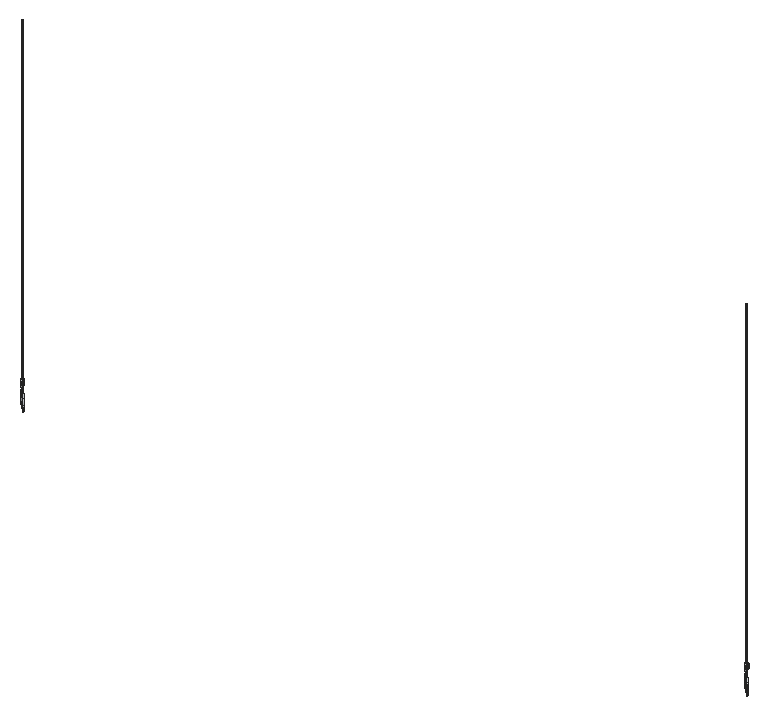
Revit family "Wire_Array-HunterDouglas-Gladius", category Specialty Equipment, Revit 2013
Parameters (values of type "Parametric")
  ecoScorecard_data = "http://products.ecoscorecard.com/hunterdouglascontract/TGL"
  ecoScorecard Product Page = "http://hunterdouglascontract.ecoscorecard.com/product/TGL?base_search=product_category_A1035"
  Wire Visibility = yes
  Wire Hanger = Metal - Aluminum Frame - HunterDouglas - Painted White
  URL = "http://www.hunterdouglascontract.com/ceilings/index.jsp"
  Subcategory = "Metal – Plank and Tile"  # constant formula
  Product Line = "Gladius"  # constant formula
  Perforations = "http://www.hunterdouglascontract.com/ceilings/metalsystems/plank/gladius/index.jsp?t=perfPage"
  Overall Length [instance] = (# of Wires - 1) * Wire Spacing  # 4' - 0"
  Model = "Gladius Wire Hanger"  # constant formula
  Manufacturer = "Hunter Douglas Luxalon Metal Ceilings"  # constant formula
  Wire Spacing = 4' - 0"  # constant formula
  Hanger Wire Height [instance] = 2' - 0"
  Description = "Wire Hanger"  # constant formula
  Default Elevation = 0' - 0"
  Color Finishes = "http://www.hunterdouglascontract.com/ceilings/metalsystems/plank/gladius/index.jsp?t=colorPage"
  Assembly Code = "C3030200"
  95 CSI = "09510"  # constant formula
  04 CSI = "09 51 00"  # constant formula
  # of Wires = 2
Reference planes (in)
  plane 1 "Center (Front/Back)": y = 0
  plane 2: z = 0
  plane 3 "Center (Left/Right)": x = 0
  plane 4 "Left Edge": x = -24
  plane 5: x = 24
  plane 6: x = 24
  plane 7 "Ceiling Edge": z = 24
  plane 8 "Hanger Bottom": z = 2.4375
Dimensions and locks (in)
  equal spacing: plane 4 "Left Edge", plane 3 "Center (Left/Right)", plane 5
  "Overall Length": plane 4 "Left Edge" to plane 5
  "Wire Spacing": plane 4 "Left Edge" to plane 6
  "Hanger Wire Height": plane 7 "Ceiling Edge" to level
  locked: plane 8 "Hanger Bottom" to level at 2.4375
  group 1 to group 2 = 4' - 0"
  group 1 to group 2 = 0' - 0"  (x2)
  aligned and locked: level to plane 2
  aligned and locked: plane 4 "Left Edge" to nested 1
  aligned and locked: nested 1 to plane 1 "Center (Front/Back)"
  aligned and locked: nested 2 to plane 5
  aligned and locked: nested 2 to plane 1 "Center (Front/Back)"
Nested families (in)
  nested 1: "Wire" at (-24, 0, 0) x (0, 1, 0) z (0, 0, 1), visible <- "Wire Visibility", type "Wire"
  nested 2: "Wire" at (24, 0, 0) x (0, 1, 0) z (0, 0, 1), visible <- "Wire Visibility", type "Wire"
Definition of nested family "Wire"
  Parameters (values of type "Wire")
    Material = Metal - Aluminum Frame - HunterDouglas - Painted White
    HangerWire Length = 2' - 0"
  Reference planes (in)
    plane 1 "Center (Front/Back)": y = 0
    plane 2: z = 0
    plane 3 "Center (Left/Right)": x = 0
    plane 4: x = -0.77248
    plane 5: x = 0.77248
    plane 6: z = 1
    plane 7: z = 1.0625
    plane 8: z = 24
  Forms (in)
    Sweep 1, solid, material "Metal - Aluminum Frame - HunterDouglas - Painted White" <- "Material", detail levels fine
      path origin (0, 0, 0) x (0.707107, 0.707107, 0) y (0, 0, 1)
        loop
          line (0.03125, 24) -> (0.03125, 2.27043) -> (0.38236, 1.70385)
          arc (0.38236, 1.70385) -> (0.44435, 1.57873) -> (0.48166, 1.44416) r 0.73777
          line (0.48166, 1.44416) -> (0.5376, 1.12899)
          arc (0.5376, 1.12899) -> (0.51364, 1.03927) -> (0.42949, 1) r 0.1098
          line (0.42949, 1) -> (-0.42976, 1)
          arc (-0.42976, 1) -> (-0.51374, 1.03919) -> (-0.53765, 1.12872) r 0.10957
          line (-0.53765, 1.12872) -> (-0.48246, 1.43965)
          arc (-0.48246, 1.43965) -> (-0.44395, 1.57857) -> (-0.37995, 1.70774) r 0.76163
          line (-0.37995, 1.70774) -> (-0.0384, 2.25888)
      profile origin (-0.0001, -0.0001, 1) x (0, 0, -1) y (0.707107, -0.707107, 0)
        loop
          circle (-0.03125, 0) r 0.03125
    Revolve 2, solid, material "Metal - Aluminum Frame - HunterDouglas - Painted White" <- "Material", detail levels fine
      sketch origin (0.00705, -1.10535, 0.17393) x (0, 0.947216, -0.320596) y (0, 0.320596, 0.947216)
        loop
          line (0.2616, 2.72812) -> (0.19087, 2.72812)
          arc (0.19087, 2.72812) -> (0.15962, 2.69687) -> (0.19087, 2.66562) r 0.03125
          line (0.19087, 2.66562) -> (0.2616, 2.66562) -> (0.2616, 2.72812)
        axis (0.2616, 2.66562) -> (0.2616, 2.72812)
      angle from 0 to 360
    Revolve 3, solid, material "Metal - Aluminum Frame - HunterDouglas - Painted White" <- "Material", detail levels fine
      sketch origin (0.00705, -1.10535, 0.04197) x (0, 0.947216, -0.320596) y (0, 0.320596, 0.947216)
        loop
          line (0.2616, 2.72812) -> (0.19087, 2.72812)
          arc (0.19087, 2.72812) -> (0.15962, 2.69687) -> (0.19087, 2.66562) r 0.03125
          line (0.19087, 2.66562) -> (0.2616, 2.66562) -> (0.2616, 2.72812)
        axis (0.2616, 2.66562) -> (0.2616, 2.72812)
      angle from 0 to 360
    Revolve 4, solid, material "Metal - Aluminum Frame - HunterDouglas - Painted White" <- "Material", detail levels fine
      sketch origin (0.00705, -1.10535, 0.10916) x (0, 0.947216, -0.320596) y (0, 0.320596, 0.947216)
        loop
          line (0.2616, 2.72812) -> (0.19087, 2.72812)
          arc (0.19087, 2.72812) -> (0.15962, 2.69687) -> (0.19087, 2.66562) r 0.03125
          line (0.19087, 2.66562) -> (0.2616, 2.66562) -> (0.2616, 2.72812)
        axis (0.2616, 2.66562) -> (0.2616, 2.72812)
      angle from 0 to 360
    Revolve 5, solid, material "Metal - Aluminum Frame - HunterDouglas - Painted White" <- "Material", detail levels fine
      sketch origin (0.00705, -1.10535, -0.02357) x (0, 0.947216, -0.320596) y (0, 0.320596, 0.947216)
        loop
          line (0.2616, 2.72812) -> (0.19087, 2.72812)
          arc (0.19087, 2.72812) -> (0.15962, 2.69687) -> (0.19087, 2.66562) r 0.03125
          line (0.19087, 2.66562) -> (0.2616, 2.66562) -> (0.2616, 2.72812)
        axis (0.2616, 2.66562) -> (0.2616, 2.72812)
      angle from 0 to 360
    Revolve 6, solid, material "Metal - Aluminum Frame - HunterDouglas - Painted White" <- "Material", detail levels fine
      sketch origin (0.00705, -1.10535, -0.08912) x (0, 0.947216, -0.320596) y (0, 0.320596, 0.947216)
        loop
          line (0.2616, 2.72812) -> (0.19087, 2.72812)
          arc (0.19087, 2.72812) -> (0.15962, 2.69687) -> (0.19087, 2.66562) r 0.03125
          line (0.19087, 2.66562) -> (0.2616, 2.66562) -> (0.2616, 2.72812)
        axis (0.2616, 2.66562) -> (0.2616, 2.72812)
      angle from 0 to 360
    Revolve 7, solid, material "Metal - Aluminum Frame - HunterDouglas - Painted White" <- "Material", detail levels fine
      sketch origin (0.00705, -1.10535, -0.15857) x (0, 0.947216, -0.320596) y (0, 0.320596, 0.947216)
        loop
          line (0.2616, 2.72812) -> (0.19087, 2.72812)
          arc (0.19087, 2.72812) -> (0.15962, 2.69687) -> (0.19087, 2.66562) r 0.03125
          line (0.19087, 2.66562) -> (0.2616, 2.66562) -> (0.2616, 2.72812)
        axis (0.2616, 2.66562) -> (0.2616, 2.72812)
      angle from 0 to 360
  Lines and regions (in)
    model lines, style "Wire", detail levels coarse+medium
      curve 1: line (0, 0, 23.78125) -> (0, 0, 1.0625)
    symbolic lines, style "Wire", detail levels fine
      curve 2: line (-0.38204, -0.33784, 0) -> (-0.08282, -0.03863, 0)
      curve 3: line (0.38204, 0.33784, 0) -> (0.09664, 0.05243, 0)
      curve 4: arc (0.33784, 0.38204, 0) -> (0.38204, 0.38204, 0) -> (0.38204, 0.33784, 0) r 0.03125
      curve 5: arc (-0.38204, -0.33784, 0) -> (-0.38204, -0.38204, 0) -> (-0.33784, -0.38204, 0) r 0.03125
      curve 6: circle (0.00691, 0.00691, 0) r 0.10062 normal (0, 0, 1)
      curve 7: circle (0, 0, 0) r 0.03125 normal (0, 0, 1)
      curve 8: line (0.05244, 0.09663, 0) -> (0.33784, 0.38204, 0)
      curve 9: line (-0.03862, -0.08282, 0) -> (-0.33784, -0.38204, 0)
      curve 14: line (-0.03122, 0, 24) -> (0.03122, 0, 24)
      curve 15: line (0.03122, 0, 24) -> (0.03122, 0, 2.6706)
      curve 16: line (-0.02999, 0, 2.25367) -> (-0.27048, 0, 1.72302)
      curve 17: line (-0.39791, 0, 1.13333) -> (-0.33782, 0, 1.45596)
      curve 18: arc (-0.33782, 0, 1.45596) -> (-0.3161, 0, 1.5925) -> (-0.27048, 0, 1.72302) r 0.77561
      curve 19: arc (-0.39791, 0, 1.13333) -> (-0.37867, 0, 1.04643) -> (-0.30275, 0, 1) r 0.11373
      curve 20: line (0.08629, 0, 2.18161) -> (-0.02999, 0, 2.25367)
      curve 21: spline (-0.03122, 0, 2.25264) -> (-0.02944, 0, 2.25316) -> (-0.02594, 0, 2.25416) -> (-0.02092, 0, 2.2556) -> (-0.01467, 0, 2.25739) -> (-0.00756, 0, 2.25942) -> (0, 0, 2.26157) -> (0.00755, 0, 2.26372) -> (0.01466, 0, 2.26574) -> (0.02091, 0, 2.26751) -> (0.02594, 0, 2.26893) -> (0.02944, 0, 2.26992) -> (0.03122, 0, 2.27042)
      curve 22: line (0.00884, 0, 2.18794) -> (-0.21356, 0, 1.69722)
      curve 23: arc (-0.2757, 0, 1.44815) -> (-0.25593, 0, 1.5755) -> (-0.21356, 0, 1.69722) r 0.71311
      curve 24: line (-0.33647, 0, 1.12189) -> (-0.2757, 0, 1.44815)
      curve 25: arc (-0.33647, 0, 1.12189) -> (-0.3278, 0, 1.08274) -> (-0.2936, 0, 1.06183) r 0.05123
      curve 26: line (0.03122, 0, 24) -> (-0.03122, 0, 24)
      curve 27: line (-0.03122, 0, 24) -> (-0.03122, 0, 2.6921)
      curve 28: line (-0.2936, 0, 1.06183) -> (0, 0, 1.06183)
      curve 29: line (0, 0, 1) -> (-0.30275, 0, 1)
      curve 30: line (-0.03122, 0, 2.29502) -> (-0.03122, 0, 2.25095)
      curve 31: line (0.03122, 0, 2.25095) -> (0.27048, 0, 1.72302)
      curve 32: line (0.39791, 0, 1.13333) -> (0.33782, 0, 1.45596)
      curve 33: arc (0.33782, 0, 1.45596) -> (0.3161, 0, 1.5925) -> (0.27048, 0, 1.72302) r 0.77561
      curve 34: arc (0.39791, 0, 1.13333) -> (0.37867, 0, 1.04643) -> (0.30275, 0, 1) r 0.11373
      curve 35: spline (0.03122, 0, 2.25264) -> (0.02944, 0, 2.25316) -> (0.02594, 0, 2.25416) -> (0.02092, 0, 2.2556) -> (0.01467, 0, 2.25739) -> (0.00756, 0, 2.25942) -> (0, 0, 2.26157) -> (-0.00755, 0, 2.26372) -> (-0.01466, 0, 2.26574) -> (-0.02091, 0, 2.26751) -> (-0.02594, 0, 2.26893) -> (-0.02944, 0, 2.26992) -> (-0.03122, 0, 2.27042)
      curve 36: line (-0.00884, 0, 2.18794) -> (0.21356, 0, 1.69722)
      curve 37: arc (0.2757, 0, 1.44815) -> (0.25593, 0, 1.5755) -> (0.21356, 0, 1.69722) r 0.71311
      curve 38: line (0.33647, 0, 1.12189) -> (0.2757, 0, 1.44815)
      curve 39: arc (0.33647, 0, 1.12189) -> (0.3278, 0, 1.08274) -> (0.2936, 0, 1.06183) r 0.05123
      curve 40: line (0.2936, 0, 1.06183) -> (0, 0, 1.06183)
      curve 41: line (0, 0, 1) -> (0.30275, 0, 1)
      curve 42: line (0.03122, 0, 2.29502) -> (0.03122, 0, 2.25095)
      curve 43: line (0, 0.03122, 2.25095) -> (0, 0.27048, 1.72302)
      curve 44: line (0, 0.39791, 1.13333) -> (0, 0.33782, 1.45596)
      curve 45: arc (0, 0.33782, 1.45596) -> (0, 0.3161, 1.5925) -> (0, 0.27048, 1.72302) r 0.77561
      curve 46: arc (0, 0.39791, 1.13333) -> (0, 0.37867, 1.04643) -> (0, 0.30275, 1) r 0.11373
      curve 47: line (0, -0.00884, 2.18794) -> (0, 0.21356, 1.69722)
      curve 48: arc (0, 0.2757, 1.44815) -> (0, 0.25593, 1.5755) -> (0, 0.21356, 1.69722) r 0.71311
      curve 49: line (0, 0.33647, 1.12189) -> (0, 0.2757, 1.44815)
      curve 50: arc (0, 0.33647, 1.12189) -> (0, 0.3278, 1.08274) -> (0, 0.2936, 1.06183) r 0.05123
      curve 51: line (0, 0.2936, 1.06183) -> (0, 0, 1.06183)
      curve 52: line (0, 0, 1) -> (0, 0.30275, 1)
      curve 53: line (0, -0.03122, 2.25095) -> (0, -0.27048, 1.72302)
      curve 54: line (0, -0.39791, 1.13333) -> (0, -0.33782, 1.45596)
      curve 55: arc (0, -0.33782, 1.45596) -> (0, -0.3161, 1.5925) -> (0, -0.27048, 1.72302) r 0.77561
      curve 56: arc (0, -0.39791, 1.13333) -> (0, -0.37867, 1.04643) -> (0, -0.30275, 1) r 0.11373
      curve 57: line (0, 0.00884, 2.18794) -> (0, -0.21356, 1.69722)
      curve 58: arc (0, -0.2757, 1.44815) -> (0, -0.25593, 1.5755) -> (0, -0.21356, 1.69722) r 0.71311
      curve 59: line (0, -0.33647, 1.12189) -> (0, -0.2757, 1.44815)
      curve 60: arc (0, -0.33647, 1.12189) -> (0, -0.3278, 1.08274) -> (0, -0.2936, 1.06183) r 0.05123
      curve 61: line (0, -0.2936, 1.06183) -> (0, 0, 1.06183)
      curve 62: line (0, 0, 1) -> (0, -0.30275, 1)
      curve 63: line (0, -0.03122, 2.29502) -> (0, -0.03122, 2.25095)
      curve 64: line (0, -0.04684, 2.69748) -> (0, 0.08788, 2.65109)
      curve 65: line (0, -0.07537, 2.64108) -> (0, 0.06749, 2.59189)
      curve 66: arc (0, 0.08788, 2.65109) -> (0, 0.10729, 2.6113) -> (0, 0.06749, 2.59189) r 0.03131
      curve 67: arc (0, -0.04684, 2.69748) -> (0, -0.08569, 2.68172) -> (0, -0.07537, 2.64108) r 0.0319
      curve 68: arc (0, 0.08788, 2.58487) -> (0, 0.10784, 2.54687) -> (0, 0.0711, 2.52466) r 0.03131
      curve 69: arc (0, -0.04684, 2.63126) -> (0, -0.08551, 2.61585) -> (0, -0.07602, 2.57532) r 0.0319
      curve 70: line (0, -0.07602, 2.57532) -> (0, 0.0711, 2.52466)
      curve 71: arc (0, 0.08788, 2.51865) -> (0, 0.10784, 2.48065) -> (0, 0.0711, 2.45844) r 0.03131
      curve 72: arc (0, -0.04684, 2.56504) -> (0, -0.08551, 2.54963) -> (0, -0.07602, 2.5091) r 0.0319
      curve 73: line (0, -0.07602, 2.5091) -> (0, 0.0711, 2.45844)
      curve 74: arc (0, 0.08788, 2.45243) -> (0, 0.10784, 2.41443) -> (0, 0.0711, 2.39222) r 0.03131
      curve 75: arc (0, -0.04684, 2.49882) -> (0, -0.08551, 2.48341) -> (0, -0.07602, 2.44288) r 0.0319
      curve 76: line (0, -0.07602, 2.44288) -> (0, 0.0711, 2.39222)
      curve 77: arc (0, 0.08788, 2.38621) -> (0, 0.10784, 2.34821) -> (0, 0.0711, 2.326) r 0.03131
      curve 78: arc (0, -0.04684, 2.4326) -> (0, -0.08551, 2.41719) -> (0, -0.07602, 2.37666) r 0.0319
      curve 79: line (0, -0.07602, 2.37666) -> (0, 0.0711, 2.326)
      curve 80: arc (0, 0.08788, 2.31999) -> (0, 0.10784, 2.28199) -> (0, 0.0711, 2.25978) r 0.03131
      curve 81: arc (0, -0.04684, 2.36638) -> (0, -0.08551, 2.35097) -> (0, -0.07602, 2.31044) r 0.0319
      curve 82: line (0, -0.07602, 2.31044) -> (0, 0.0711, 2.25978)
      curve 83: line (0, -0.03122, 2.29502) -> (0, -0.03122, 2.25095)
      curve 84: spline (0, 0.03122, 2.25264) -> (0, 0.02944, 2.25316) -> (0, 0.02594, 2.25416) -> (0, 0.02092, 2.2556) -> (0, 0.01467, 2.25739) -> (0, 0.00756, 2.25942) -> (0, 0, 2.26157) -> (0, -0.00755, 2.26372) -> (0, -0.01466, 2.26574) -> (0, -0.02091, 2.26751) -> (0, -0.02594, 2.26893) -> (0, -0.02944, 2.26992) -> (0, -0.03122, 2.27042)
      curve 85: line (0, 0.03122, 2.27352) -> (0, 0.03122, 2.25095)
    symbolic lines, style "Wire"
      curve 10: line (0, 0.03125, 24) -> (0, -0.03125, 24)
      curve 11: line (0, -0.03125, 24) -> (0, -0.03125, 2.61415)
      curve 12: arc (0, 0.03125, 2.61415) -> (0, 0, 2.60466) -> (0, -0.03125, 2.61415) r 0.05621
      curve 13: line (0, 0.03125, 2.61415) -> (0, 0.03125, 24)
      curve 86: arc (-0.07801, 0, 2.34631) -> (-0.09482, 0, 2.38088) -> (-0.07483, 0, 2.41372) r 0.04011
      curve 87: arc (-0.07459, 0, 2.41386) -> (-0.03526, 0, 2.42961) -> (0.00686, 0, 2.43417) r 0.15569
      curve 88: arc (0.09173, 0, 2.34631) -> (0.10854, 0, 2.38088) -> (0.08855, 0, 2.41372) r 0.04011
      curve 89: arc (0.0883, 0, 2.41386) -> (0.04898, 0, 2.42961) -> (0.00686, 0, 2.43417) r 0.15569
      curve 90: arc (-0.07483, 0, 2.41372) -> (-0.09482, 0, 2.44663) -> (-0.07788, 0, 2.48122) r 0.04011
      curve 91: arc (-0.07459, 0, 2.48331) -> (-0.03526, 0, 2.49906) -> (0.00686, 0, 2.50362) r 0.15569
      curve 92: arc (0.08855, 0, 2.41372) -> (0.10858, 0, 2.44859) -> (0.0883, 0, 2.48331) r 0.04011
      curve 93: arc (0.0883, 0, 2.48331) -> (0.04898, 0, 2.49906) -> (0.00686, 0, 2.50362) r 0.15569
      curve 94: arc (-0.07788, 0, 2.48122) -> (-0.09482, 0, 2.51594) -> (-0.07459, 0, 2.54885) r 0.04011
      curve 95: arc (-0.07459, 0, 2.54885) -> (-0.03526, 0, 2.5646) -> (0.00686, 0, 2.56916) r 0.15569
      curve 96: arc (0.0916, 0, 2.48122) -> (0.10853, 0, 2.51594) -> (0.0883, 0, 2.54885) r 0.04011
      curve 97: arc (0.0883, 0, 2.54885) -> (0.04898, 0, 2.5646) -> (0.00686, 0, 2.56916) r 0.15569
      curve 98: arc (-0.07788, 0, 2.54676) -> (-0.09486, 0, 2.57953) -> (-0.07788, 0, 2.6123) r 0.04011
      curve 99: arc (-0.07459, 0, 2.61439) -> (-0.03526, 0, 2.63014) -> (0.00686, 0, 2.6347) r 0.15569
      curve 100: arc (0.0916, 0, 2.54676) -> (0.10858, 0, 2.57953) -> (0.0916, 0, 2.6123) r 0.04011
      curve 101: arc (0.0883, 0, 2.61439) -> (0.04898, 0, 2.63014) -> (0.00686, 0, 2.6347) r 0.15569
      curve 102: arc (-0.07788, 0, 2.6123) -> (-0.09482, 0, 2.64702) -> (-0.07459, 0, 2.67994) r 0.04011
      curve 103: arc (-0.07459, 0, 2.67994) -> (-0.03526, 0, 2.69568) -> (0.00686, 0, 2.70024) r 0.15569
      curve 104: arc (0.0916, 0, 2.6123) -> (0.10853, 0, 2.64702) -> (0.0883, 0, 2.67994) r 0.04011
      curve 105: arc (0.0883, 0, 2.67994) -> (0.04898, 0, 2.69568) -> (0.00686, 0, 2.70024) r 0.15569
      curve 106: arc (-0.07788, 0, 2.28068) -> (-0.09482, 0, 2.31541) -> (-0.07459, 0, 2.34832) r 0.04011
      curve 107: arc (-0.07801, 0, 2.34631) -> (-0.03718, 0, 2.36357) -> (0.00686, 0, 2.36863) r 0.15569
      curve 108: arc (0.0916, 0, 2.28068) -> (0.10853, 0, 2.31541) -> (0.0883, 0, 2.34832) r 0.04011
      curve 109: arc (0.09173, 0, 2.34631) -> (0.0509, 0, 2.36357) -> (0.00686, 0, 2.36863) r 0.15569
      curve 110: arc (-0.07788, 0, 2.28068) -> (-0.05245, 0, 2.26733) -> (-0.02439, 0, 2.26121) r 0.10721
      curve 111: arc (0.0916, 0, 2.28068) -> (0.06617, 0, 2.26733) -> (0.03811, 0, 2.26121) r 0.10721
  Dimensions and locks (in)
    equal spacing: plane 4, plane 3 "Center (Left/Right)", plane 5
    plane 4 to plane 5 = 0' - 1.54495"
    locked: plane 6 to plane 7 at 0.0625
    locked: plane 6 to level at 1
    "HangerWire Length": plane 8 to level
    aligned and locked: level to plane 2
    aligned and locked: Sweep 1 sketch curve to plane 6
    aligned and locked: curve 1 to plane 3 "Center (Left/Right)"
    aligned and locked: plane 7 to curve 1
    aligned and locked: plane 8 to curve 26
    aligned and locked: plane 8 to Sweep 1 sketch curve
    aligned and locked: curve 10 to plane 8
  Automatic sketch dimensions
    curve 12 to plane 1 "Center (Front/Back)" = 0' - 0"
    plane 1 "Center (Front/Back)" to curve 11 = 0' - 0 1/32"
    curve 13 to plane 1 "Center (Front/Back)" = 0' - 0 1/32"
    curve 12 to curve 12 = 0' - 0.04672"
    curve 18 to curve 23 = 0' - 0"  (x2)
    curve 19 to curve 25 = 0' - 0"  (x2)
    curve 33 to curve 37 = 0' - 0"  (x2)
    curve 34 to curve 39 = 0' - 0"  (x2)
    curve 19 to plane 6 = 0' - 0"
    curve 41 to plane 3 "Center (Left/Right)" = 0' - 0"
    curve 40 to plane 3 "Center (Left/Right)" = 0' - 0"
    curve 35 to plane 3 "Center (Left/Right)" = 0' - 0"
    curve 36 to plane 3 "Center (Left/Right)" = 0' - 0.00884"
    curve 16 to plane 3 "Center (Left/Right)" = 0' - 0.02999"
    curve 14 to plane 3 "Center (Left/Right)" = 0' - 0.03122"
    curve 35 to curve 16 = 0' - 0.00123"
    curve 21 to curve 21 = 0' - 0.00021"
    curve 22 to plane 3 "Center (Left/Right)" = 0' - 0.21356"
    curve 18 to curve 23 = 0' - 0.05693"
    curve 23 to curve 22 = 0' - 0.06215"
    plane 7 to curve 19 = 0' - 0.05001"
    curve 19 to plane 3 "Center (Left/Right)" = 0' - 0.2861"
    curve 25 to plane 7 = 0' - 0.00067"
    curve 25 to curve 19 = 0' - 0.0075"
    curve 29 to curve 28 = 0' - 0.00915"
    curve 25 to curve 19 = 0' - 0.05037"
    curve 17 to curve 23 = 0' - 0.06212"
    plane 7 to curve 17 = 0' - 0.07083"
    curve 37 to curve 17 = 0' - 0.09814"
    plane 3 "Center (Left/Right)" to curve 21 = 0' - 0"
    plane 3 "Center (Left/Right)" to curve 22 = 0' - 0.00884"
    plane 3 "Center (Left/Right)" to curve 42 = 0' - 0.03122"
    plane 3 "Center (Left/Right)" to curve 14 = 0' - 0.03122"
    curve 35 to curve 31 = 0' - 0"
    curve 35 to curve 35 = 0' - 0.00021"
    curve 22 to curve 20 = 0' - 0.07745"
    plane 3 "Center (Left/Right)" to curve 37 = 0' - 0.21356"
    curve 36 to curve 31 = 0' - 0.05693"
    curve 37 to curve 38 = 0' - 0.06215"
    plane 7 to curve 39 = 0' - 0.05001"
    plane 3 "Center (Left/Right)" to curve 39 = 0' - 0.2861"
    curve 34 to curve 40 = 0' - 0.0075"
    curve 39 to curve 34 = 0' - 0.00915"
    curve 34 to curve 39 = 0' - 0.05037"
    curve 38 to curve 33 = 0' - 0.06212"
    curve 38 to curve 34 = 0' - 0.06144"
    curve 33 to curve 23 = 0' - 0.09814"
    curve 19 to curve 33 = 0' - 0 69/256"
    curve 34 to curve 18 = 0' - 0 69/256"
    curve 33 to curve 23 = 0' - 0.04529"
    curve 18 to curve 37 = 0' - 0.04529"
    curve 38 to curve 32 = 0' - 0 1/128"
    curve 23 to curve 18 = 0' - 0 1/128"
    curve 33 to curve 20 = 0' - 0.4586"
    curve 20 to curve 36 = 0' - 0.00633"
    curve 22 to curve 36 = 0' - 0"
    curve 36 to curve 30 = 0' - 0.06301"
    curve 42 to curve 16 = 0' - 0.00272"
    curve 31 to curve 35 = 0' - 0.00163"
    curve 30 to curve 21 = 0' - 0.00163"
    curve 35 to curve 35 = 0' - 0.00006"
    curve 21 to curve 21 = 0' - 0.00006"
    curve 35 to curve 30 = 0' - 0.0246"
    curve 21 to curve 42 = 0' - 0.0246"
    curve 42 to curve 15 = 0' - 0.37558"
    curve 15 to curve 27 = 0' - 0.0215"
    plane 1 "Center (Front/Back)" to curve 7 = 0' - 0"
    curve 7 to plane 3 "Center (Left/Right)" = 0' - 0"
    curve 9 to plane 3 "Center (Left/Right)" = 0' - 0.03862"
    plane 1 "Center (Front/Back)" to curve 2 = 0' - 0.03863"
    curve 2 to curve 9 = 0' - 0.0442"
    curve 5 to plane 3 "Center (Left/Right)" = 0' - 0.33784"
    curve 5 to curve 9 = 0' - 0.0221"
    curve 5 to curve 5 = 0' - 0.0221"
    plane 3 "Center (Left/Right)" to curve 6 = 0' - 0.00691"
    plane 3 "Center (Left/Right)" to curve 8 = 0' - 0.05244"
    curve 8 to curve 3 = 0' - 0.0442"
    plane 3 "Center (Left/Right)" to curve 4 = 0' - 0.33784"
    curve 4 to curve 4 = 0' - 0.0221"
    curve 4 to curve 3 = 0' - 0.0221"
    curve 9 to curve 2 = 0' - 0.0442"
    plane 1 "Center (Front/Back)" to curve 2 = 0' - 0.33784"
    curve 5 to curve 2 = 0' - 0.0221"
    curve 4 to plane 1 "Center (Front/Back)" = 0' - 0.33784"
    curve 3 to curve 4 = 0' - 0.0221"
    plane 7 to Sweep 1 sketch curve = 0' - 0.06622"
    plane 7 to Sweep 1 sketch curve = 0' - 0.37715"
    Sweep 1 sketch curve to Sweep 1 sketch curve = 0' - 0.05519"
    Sweep 1 sketch curve to Sweep 1 sketch curve = 0' - 0.10788"
    Sweep 1 sketch curve to Sweep 1 sketch curve = 0' - 0.10251"
    Sweep 1 sketch curve to Sweep 1 sketch curve = 0' - 0.2377"
    plane 7 to Sweep 1 sketch curve = 0' - 1.19638"
    Sweep 1 sketch curve to Sweep 1 sketch curve = 0' - 0.34154"
    Sweep 1 sketch curve to Sweep 1 sketch curve = 0' - 0.06965"
    plane 7 to Sweep 1 sketch curve = 0' - 0.24405"
    Sweep 1 sketch curve to Sweep 1 sketch curve = 0' - 0.51221"
    Sweep 1 sketch curve to Sweep 1 sketch curve = 0' - 0.1149"
    Sweep 1 sketch curve to Sweep 1 sketch curve = 0' - 0.16204"
    Sweep 1 sketch curve to Sweep 1 sketch curve = 0' - 0.21421"
    plane 7 to Sweep 1 sketch curve = 0' - 0.06649"
    Sweep 1 sketch curve to Sweep 1 sketch curve = 0' - 0.10811"
    plane 7 to Sweep 1 sketch curve = 0' - 0.25273"
    Sweep 1 sketch curve to Sweep 1 sketch curve = 0' - 0.13761"
    Sweep 1 sketch curve to Sweep 1 sketch curve = 0' - 0.01154"
    Sweep 1 sketch curve to profile plane = 0' - 0"
    profile plane to Sweep 1 sketch curve = 0' - 0 1/32"
    plane 1 "Center (Front/Back)" to Revolve 2 sketch curve = 0' - 0.06997"
    plane 7 to Revolve 2 sketch curve = 0' - 1.57516"
    Revolve 2 sketch curve to Revolve 2 sketch curve = 0' - 0.07074"
    Revolve 2 sketch curve to Revolve 2 sketch curve = 0' - 0"  (x2)
    Revolve 2 sketch curve to Revolve 2 sketch curve = 0' - 0 1/32"
    Revolve 2 sketch curve to Revolve 2 sketch curve = 0' - 0.02781"
    plane 1 "Center (Front/Back)" to Revolve 3 sketch curve = 0' - 0.06997"
    plane 7 to Revolve 3 sketch curve = 0' - 1.44319"
    Revolve 3 sketch curve to Revolve 3 sketch curve = 0' - 0.07074"
    Revolve 3 sketch curve to Revolve 3 sketch curve = 0' - 0"  (x2)
    Revolve 3 sketch curve to Revolve 3 sketch curve = 0' - 0 1/32"
    Revolve 3 sketch curve to Revolve 3 sketch curve = 0' - 0.02781"
    curve 45 to curve 48 = 0' - 0"  (x2)
    curve 46 to curve 50 = 0' - 0"  (x2)
    curve 55 to curve 58 = 0' - 0"  (x2)
    curve 56 to curve 60 = 0' - 0"  (x2)
    plane 6 to curve 46 = 0' - 0"
    curve 61 to plane 1 "Center (Front/Back)" = 0' - 0"
    curve 52 to plane 1 "Center (Front/Back)" = 0' - 0"
    curve 57 to plane 1 "Center (Front/Back)" = 0' - 0.00884"
    curve 85 to plane 1 "Center (Front/Back)" = 0' - 0.03122"
    curve 84 to curve 43 = 0' - 0"
    curve 84 to curve 84 = 0' - 0.00021"
    curve 65 to plane 1 "Center (Front/Back)" = 0' - 0.06749"
    curve 73 to plane 1 "Center (Front/Back)" = 0' - 0.0711"
    curve 68 to curve 71 = 0' - 0"
    curve 79 to curve 85 = 0' - 0.03988"
    curve 82 to curve 84 = 0' - 0.03967"
    curve 76 to curve 73 = 0' - 0"
    curve 74 to curve 74 = 0' - 0.00658"
    curve 68 to curve 68 = 0' - 0.00658"
    curve 77 to curve 79 = 0' - 0.00658"
    curve 80 to curve 80 = 0' - 0.00658"
    curve 71 to curve 73 = 0' - 0.00658"
    curve 66 to curve 66 = 0' - 0.01019"
    curve 80 to curve 79 = 0' - 0.01678"
    curve 77 to curve 76 = 0' - 0.01678"
    curve 64 to curve 66 = 0' - 0.01019"
    curve 71 to curve 70 = 0' - 0.01678"
    curve 68 to curve 66 = 0' - 0.02038"
    curve 74 to curve 73 = 0' - 0.01678"
    curve 48 to plane 1 "Center (Front/Back)" = 0' - 0.21356"
    curve 45 to curve 47 = 0' - 0.05693"
    curve 48 to curve 48 = 0' - 0.06215"
    plane 7 to curve 46 = 0' - 0.05001"
    curve 46 to plane 1 "Center (Front/Back)" = 0' - 0.2861"
    curve 50 to plane 7 = 0' - 0.00067"
    curve 50 to curve 46 = 0' - 0.0075"
    curve 52 to curve 50 = 0' - 0.00915"
    plane 7 to curve 49 = 0' - 0.05939"
    curve 44 to curve 48 = 0' - 0.06212"
    curve 46 to curve 49 = 0' - 0.06144"
    curve 55 to curve 45 = 0' - 0.09814"
    plane 1 "Center (Front/Back)" to curve 84 = 0' - 0"
    plane 1 "Center (Front/Back)" to curve 47 = 0' - 0.00884"
    plane 1 "Center (Front/Back)" to curve 83 = 0' - 0.03122"
    plane 1 "Center (Front/Back)" to curve 64 = 0' - 0.04684"
    plane 1 "Center (Front/Back)" to curve 69 = 0' - 0.04684"
    plane 1 "Center (Front/Back)" to curve 72 = 0' - 0.04684"
    plane 1 "Center (Front/Back)" to curve 81 = 0' - 0.04684"
    plane 1 "Center (Front/Back)" to curve 78 = 0' - 0.04684"
    plane 1 "Center (Front/Back)" to curve 75 = 0' - 0.04684"
    curve 72 to curve 72 = 0' - 0.01039"
    curve 67 to curve 67 = 0' - 0.01039"
    curve 81 to curve 81 = 0' - 0.01039"
    curve 69 to curve 69 = 0' - 0.01039"
    curve 78 to curve 78 = 0' - 0.01039"
    curve 75 to curve 75 = 0' - 0.01039"
    curve 69 to curve 67 = 0' - 0.02853"
    curve 75 to curve 73 = 0' - 0.02918"
    curve 72 to curve 69 = 0' - 0.02918"
    curve 81 to curve 81 = 0' - 0.01879"
    curve 78 to curve 75 = 0' - 0.02918"
    curve 81 to curve 79 = 0' - 0.02918"
    plane 1 "Center (Front/Back)" to curve 57 = 0' - 0.21356"
    curve 57 to curve 55 = 0' - 0.05693"
    curve 58 to curve 58 = 0' - 0.06215"
    plane 7 to curve 60 = 0' - 0.05001"
    plane 1 "Center (Front/Back)" to curve 60 = 0' - 0.2861"
    curve 56 to curve 60 = 0' - 0.0075"
    curve 60 to curve 62 = 0' - 0.00915"
    curve 56 to curve 60 = 0' - 0.05037"
    curve 58 to curve 55 = 0' - 0.06212"
    plane 7 to curve 54 = 0' - 0.07083"
    curve 54 to curve 45 = 0' - 0.09814"
    curve 56 to curve 45 = 0' - 0 69/256"
    curve 44 to curve 55 = 0' - 0 69/256"
    curve 45 to curve 59 = 0' - 0.04529"
    curve 55 to curve 49 = 0' - 0.04529"
    curve 58 to curve 54 = 0' - 0 1/128"
    curve 48 to curve 44 = 0' - 0 1/128"
    curve 57 to curve 47 = 0' - 0.49072"
    curve 57 to curve 47 = 0' - 0"
    curve 47 to curve 53 = 0' - 0.06301"
    curve 43 to curve 53 = 0' - 0"
    curve 43 to curve 84 = 0' - 0.00163"
    curve 84 to curve 84 = 0' - 0.00006"
    curve 84 to curve 80 = 0' - 0.00721"
    curve 84 to curve 85 = 0' - 0.02087"
    curve 80 to curve 80 = 0' - 0.03061"
    curve 80 to curve 79 = 0' - 0.00601"
    curve 81 to curve 81 = 0' - 0.02577"
    curve 79 to curve 77 = 0' - 0.03061"
    curve 81 to curve 79 = 0' - 0.01028"
    curve 77 to curve 74 = 0' - 0.00601"
    curve 78 to curve 78 = 0' - 0.02577"
    curve 74 to curve 74 = 0' - 0.03061"
    curve 78 to curve 75 = 0' - 0.01028"
    curve 74 to curve 73 = 0' - 0.00601"
    curve 75 to curve 75 = 0' - 0.02577"
    curve 73 to curve 71 = 0' - 0.03061"
    curve 75 to curve 72 = 0' - 0.01028"
    curve 71 to curve 68 = 0' - 0.00601"
    curve 72 to curve 72 = 0' - 0.02577"
    curve 68 to curve 68 = 0' - 0.03061"
    curve 72 to curve 69 = 0' - 0.01028"
    curve 68 to curve 66 = 0' - 0.00702"
    curve 70 to curve 69 = 0' - 0.02577"
    curve 66 to curve 66 = 0' - 0.0296"
    curve 65 to curve 67 = 0' - 0.02623"
    curve 86 to plane 3 "Center (Left/Right)" = 0' - 0.07801"
    curve 94 to plane 3 "Center (Left/Right)" = 0' - 0.07788"
    curve 98 to curve 94 = 0' - 0"
    curve 98 to curve 98 = 0' - 0"
    curve 107 to curve 110 = 0' - 0.00013"
    curve 86 to curve 90 = 0' - 0.00318"
    curve 102 to curve 99 = 0' - 0.0033"
    curve 98 to curve 95 = 0' - 0.0033"
    curve 90 to curve 87 = 0' - 0.00025"
    curve 86 to curve 106 = 0' - 0.00342"
    curve 94 to curve 91 = 0' - 0.0033"
    curve 94 to curve 95 = 0' - 0"
    curve 102 to curve 99 = 0' - 0"
    curve 103 to curve 102 = 0' - 0"
    curve 110 to curve 106 = 0' - 0.02313"
    curve 106 to curve 86 = 0' - 0.01984"
    curve 99 to curve 102 = 0' - 0.01984"
    curve 87 to curve 90 = 0' - 0.01984"
    curve 91 to curve 94 = 0' - 0.01984"
    curve 95 to curve 98 = 0' - 0.01984"
    curve 110 to plane 3 "Center (Left/Right)" = 0' - 0.02439"
    curve 110 to plane 3 "Center (Left/Right)" = 0' - 0.01579"
    plane 3 "Center (Left/Right)" to curve 107 = 0' - 0.00241"
    plane 3 "Center (Left/Right)" to curve 99 = 0' - 0.00241"
    plane 3 "Center (Left/Right)" to curve 91 = 0' - 0.00241"
    plane 3 "Center (Left/Right)" to curve 87 = 0' - 0.00241"
    plane 3 "Center (Left/Right)" to curve 103 = 0' - 0.00241"
    plane 3 "Center (Left/Right)" to curve 95 = 0' - 0.00241"
    plane 3 "Center (Left/Right)" to curve 103 = 0' - 0.00686"
    plane 3 "Center (Left/Right)" to curve 101 = 0' - 0.00686"
    plane 3 "Center (Left/Right)" to curve 97 = 0' - 0.00686"
    plane 3 "Center (Left/Right)" to curve 87 = 0' - 0.00686"
    plane 3 "Center (Left/Right)" to curve 109 = 0' - 0.00686"
    plane 3 "Center (Left/Right)" to curve 91 = 0' - 0.00686"
    curve 107 to curve 109 = 0' - 0.00891"
    curve 103 to curve 105 = 0' - 0.00891"
    curve 99 to curve 101 = 0' - 0.00891"
    curve 87 to curve 89 = 0' - 0.00891"
    curve 91 to curve 93 = 0' - 0.00891"
    curve 95 to curve 97 = 0' - 0.00891"
    curve 107 to curve 111 = 0' - 0.02264"
    curve 89 to curve 111 = 0' - 0.0268"
    curve 87 to curve 92 = 0' - 0.06161"
    curve 99 to curve 104 = 0' - 0.06161"
    curve 111 to curve 88 = 0' - 0.03896"
    curve 91 to curve 96 = 0' - 0.06161"
    curve 111 to curve 108 = 0' - 0.03036"
    curve 97 to curve 100 = 0' - 0.06161"
    curve 96 to curve 93 = 0' - 0.01984"
    curve 104 to curve 101 = 0' - 0.01984"
    curve 100 to curve 97 = 0' - 0.01984"
    curve 92 to curve 89 = 0' - 0.01984"
    curve 96 to curve 97 = 0' - 0"
    curve 104 to curve 104 = 0' - 0.01984"
    curve 105 to curve 104 = 0' - 0"
    curve 92 to curve 93 = 0' - 0"
    curve 88 to curve 108 = 0' - 0.01984"
    curve 89 to curve 88 = 0' - 0.00025"
    curve 108 to curve 111 = 0' - 0.02313"
    curve 92 to curve 96 = 0' - 0.0033"
    curve 101 to curve 100 = 0' - 0.0033"
    curve 96 to curve 100 = 0' - 0.0033"
    curve 108 to curve 109 = 0' - 0.00342"
    plane 7 to curve 107 = 0' - 1.1505"
    curve 109 to curve 107 = 0' - 0"
    curve 107 to curve 110 = 0' - 0.04821"
    curve 109 to curve 111 = 0' - 0.04821"
    curve 111 to curve 89 = 0' - 0.01733"
    curve 87 to curve 89 = 0' - 0"
    curve 111 to curve 108 = 0' - 0.01947"
    curve 110 to curve 110 = 0' - 0.01947"
    curve 111 to curve 108 = 0' - 0.03277"
    curve 110 to curve 106 = 0' - 0.03277"
    curve 109 to curve 108 = 0' - 0.00201"
    curve 93 to curve 107 = 0' - 0.02063"
    curve 91 to curve 93 = 0' - 0"
    curve 108 to curve 88 = 0' - 0.03068"
    curve 106 to curve 86 = 0' - 0.03068"
    curve 109 to curve 95 = 0' - 0.04491"
    curve 97 to curve 95 = 0' - 0"
    curve 90 to curve 87 = 0' - 0.00014"
    curve 87 to curve 90 = 0' - 0.03458"
    curve 101 to curve 91 = 0' - 0.02454"
    curve 99 to curve 101 = 0' - 0"
    curve 103 to curve 95 = 0' - 0.02454"
    curve 105 to curve 103 = 0' - 0"
    curve 100 to curve 96 = 0' - 0.00209"
    curve 98 to curve 95 = 0' - 0.00209"
    curve 97 to curve 100 = 0' - 0.03068"
    curve 100 to curve 101 = 0' - 0.00209"
    plane 1 "Center (Front/Back)" to Revolve 4 sketch curve = 0' - 0.06997"
    plane 7 to Revolve 4 sketch curve = 0' - 1.51039"
    Revolve 4 sketch curve to Revolve 4 sketch curve = 0' - 0.07074"
    Revolve 4 sketch curve to Revolve 4 sketch curve = 0' - 0"  (x2)
    Revolve 4 sketch curve to Revolve 4 sketch curve = 0' - 0 1/32"
    Revolve 4 sketch curve to Revolve 4 sketch curve = 0' - 0.02781"
    plane 1 "Center (Front/Back)" to Revolve 5 sketch curve = 0' - 0.06997"
    plane 7 to Revolve 5 sketch curve = 0' - 1.37765"
    Revolve 5 sketch curve to Revolve 5 sketch curve = 0' - 0.07074"
    Revolve 5 sketch curve to Revolve 5 sketch curve = 0' - 0"  (x2)
    Revolve 5 sketch curve to Revolve 5 sketch curve = 0' - 0 1/32"
    Revolve 5 sketch curve to Revolve 5 sketch curve = 0' - 0.02781"
    plane 1 "Center (Front/Back)" to Revolve 6 sketch curve = 0' - 0.06997"
    plane 7 to Revolve 6 sketch curve = 0' - 1.31211"
    Revolve 6 sketch curve to Revolve 6 sketch curve = 0' - 0.07074"
    Revolve 6 sketch curve to Revolve 6 sketch curve = 0' - 0"  (x2)
    Revolve 6 sketch curve to Revolve 6 sketch curve = 0' - 0 1/32"
    Revolve 6 sketch curve to Revolve 6 sketch curve = 0' - 0.02781"
    plane 1 "Center (Front/Back)" to Revolve 7 sketch curve = 0' - 0.06997"
    plane 7 to Revolve 7 sketch curve = 0' - 1.24266"
    Revolve 7 sketch curve to Revolve 7 sketch curve = 0' - 0.07074"
    Revolve 7 sketch curve to Revolve 7 sketch curve = 0' - 0"  (x2)
    Revolve 7 sketch curve to Revolve 7 sketch curve = 0' - 0 1/32"
    Revolve 7 sketch curve to Revolve 7 sketch curve = 0' - 0.02781"
    plane 7 to curve 12 = 0' - 1.59837"
    curve 1 to plane 8 = 0' - 0 7/32"
    radius of curve 7 = 0' - 0 1/32"
    radius of Sweep 1 sketch curve = 0' - 0 1/32"
